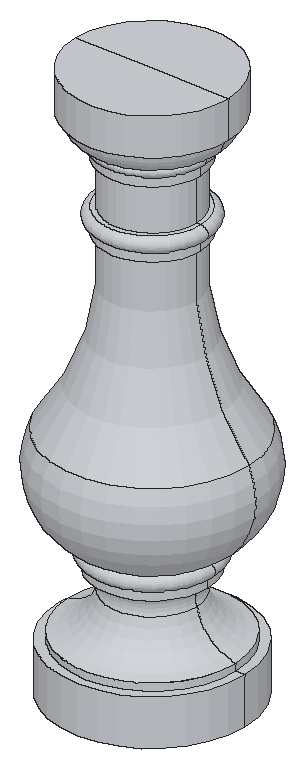
Revit family
Parameters (values of type "Balustrade G15")
  Width = 0' - 5"
  URL = "www.strombergarchitectural.com"
  Top Material = none
  Submittal Sheet = "www.strombergarchitectural.com/images/materials/gfrc/submittal/gfrc-submittal-sheet.pdf"
  Specifications = "www.strombergarchitectural.com/gfrcspecifications"
  Model Cut-sheet = "http://www.strombergarchitectural.com/products/balustrade/design/G15"
  Model = "Balustrade G15"
  Manufacturer = "Stromberg Architectural Products"
  Guidebook = "www.strombergarchitectural.com/images/materials/gfrc/handbooks/gfrc_guidebook.pdf   \r\n(http://www.strombergarchitectural.com/images/materials/gfrc/handbooks/gfrc_guidebook.pdf"
  Description = "GFRC Baluster"
  Assembly Code = ""
  Height = 1' - 3"
  XXX.5 = no
  XXX.4 = no
  XXX.3 = no
  XXX.2 = no
  XXX.1 = yes
Reference planes (in)
  plane 1 "Center (Front/Back)": y = 3.74847
  plane 2: z = 0
  plane 3 "Center (Left/Right)": x = 0.7278
  plane 4 "Front": y = -3.25153
  plane 5 "Back": y = 10.74847
Forms (in)
  Revolve 1, solid
    sketch origin (0, 3.74847, 0) x (1, 0, 0) y (0, 0, 1)
      loop
        line (0.7278, 15) -> (-1.3347, 15) -> (-1.3347, 14) -> (-1.2097, 14)
        arc (-1.2097, 14) -> (-1.02664, 13.55806) -> (-0.5847, 13.375) r 0.625
        arc (-0.5847, 13.375) -> (-0.7097, 13.25) -> (-0.5847, 13.125) r 0.125
        line (-0.5847, 13.125) -> (-0.5847, 12.875) -> (-0.4597, 12.875) -> (-0.4597, 11.6875) -> (-0.5847, 11.6875)
        arc (-0.5847, 11.6875) -> (-0.7722, 11.5) -> (-0.5847, 11.3125) r 0.1875
        line (-0.5847, 11.3125) -> (-0.5847, 11.0625) -> (-0.4597, 11.0625)
        arc (-0.4597, 11.0625) -> (-0.69975, 8.5534) -> (-1.86052, 6.31602) r 6.61812
        arc (-1.86052, 6.31602) -> (-1.9076, 4.73139) -> (-0.7722, 3.625) r 1.97035
        arc (-0.7722, 3.625) -> (-0.9597, 3.4375) -> (-0.7722, 3.25) r 0.1875
        line (-0.7722, 3.25) -> (-0.7722, 3) -> (-0.6472, 3)
        arc (-0.6472, 3) -> (-0.4552, 2.7515) -> (-0.4597, 2.4375) r 0.4761
        arc (-0.4597, 2.4375) -> (-0.84094, 1.77811) -> (-1.5222, 1.4375) r 1.32523
        line (-1.5222, 1.4375) -> (-1.5222, 1.25) -> (-1.7722, 1.25) -> (-1.7722, 0) -> (0.7278, 0) -> (0.7278, 15)
      axis (0.7278, 15) -> (0.7278, 0)
    angle from 0 to 360
Dimensions and locks (in)
  aligned and locked: level to plane 2
